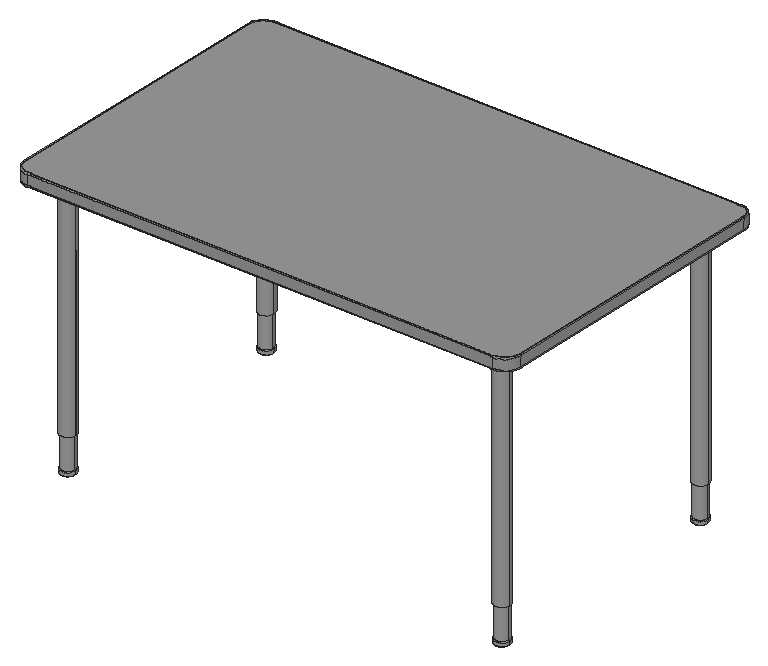
Revit family "Hierarchy Activity 48x30", category Generic Models, Revit 2018
Family settings
  Can host rebar = No
  Round Connector Dimension = Use Diameter
  Part Type = Normal
  Work Plane-Based = No
  Always vertical = Yes
  Cut with Voids When Loaded = No
  Shared = No
  Room Calculation Point = No
Parameters
  Table Height = 2' - 1 1/2"
  Surface = Hierarchy Activity 4830 Surface
  Leg Finish = Shapes Leg Platinum
  Edgeband = Hierarchy Activity 4830 Edgeband
  Caster/Glider = Shapes Leg - Glider : Shapes Leg - Glider
Reference planes (in)
  plane 1 "Center (Front/Back)": y = 0
  plane 2: z = 0
  plane 3 "Center (Left/Right)": x = 0
  plane 4: z = 25.5
Dimensions and locks (in)
  "Table Height": plane 4 to level
  aligned and locked: plane 2 to level
  aligned and locked: nested 1 to plane 4
Nested families (in)
  nested 1: "Activity 48x30 Tabletop" at (0, 0, 1.575), type "Activity 48x30 Tabletop"
  nested 2: "Shapes Leg - Glider" at (-21, 12, 0), Leg Height <- "Table Height", Shapes Leg Finish <- "Leg Finish", type "Shapes Leg - Glider"
    with Shapes Leg Finish Shapes Leg Platinum, Leg Height 2' - 1 1/2"
  nested 3: "Shapes Leg - Glider" at (21, 12, 0), Leg Height <- "Table Height", type <- "Caster/Glider", Shapes Leg Finish <- "Leg Finish", type "Shapes Leg - Glider"
    with Shapes Leg Finish Shapes Leg Platinum, Leg Height 2' - 1 1/2"
  nested 4: "Shapes Leg - Glider" at (21, -12, 0), Leg Height <- "Table Height", type <- "Caster/Glider", Shapes Leg Finish <- "Leg Finish", type "Shapes Leg - Glider"
    with Shapes Leg Finish Shapes Leg Platinum, Leg Height 2' - 1 1/2"
  nested 5: "Shapes Leg - Glider" at (-21, -12, 0), Leg Height <- "Table Height", Shapes Leg Finish <- "Leg Finish", type "Shapes Leg - Glider"
    with Shapes Leg Finish Shapes Leg Platinum, Leg Height 2' - 1 1/2"
Definition of nested family "Activity 48x30 Tabletop"
  Parameters (values of type "Activity 48x30 Tabletop")
    Surface = none
    Edgeband = none
  Reference planes (in)
    plane 1 "Center (Front/Back)": y = 0
    plane 2: z = 0
    plane 3 "Center (Left/Right)": x = 0
  Forms (in)
    Extrusion 1, solid, material <- "Surface"
      sketch origin (0, 3, 0) x (1, 0, 0) y (0, 1, 0)
        loop
          line (22.5, 11.88189) -> (-22.5, 11.88189)
          arc (-22.5, 11.88189) -> (-23.47714, 11.47714) -> (-23.88189, 10.5) r 1.38189
          line (-23.88189, 10.5) -> (-23.88189, -16.5)
          arc (-23.88189, -16.5) -> (-23.47714, -17.47714) -> (-22.5, -17.88189) r 1.38189
          line (-22.5, -17.88189) -> (22.5, -17.88189)
          arc (22.5, -17.88189) -> (23.47714, -17.47714) -> (23.88189, -16.5) r 1.38189
          line (23.88189, -16.5) -> (23.88189, 10.5)
          arc (23.88189, 10.5) -> (23.47714, 11.47714) -> (22.5, 11.88189) r 1.38189
      from 23.925 to 25.125
    Sweep 2, solid, material <- "Edgeband"
      path origin (0, 3, 0) x (1, 0, 0) y (0, 1, 0)
        loop
          line (22.5, 11.88189) -> (-22.5, 11.88189)
          arc (-22.5, 11.88189) -> (-23.47714, 11.47714) -> (-23.88189, 10.5) r 1.38189
          line (-23.88189, 10.5) -> (-23.88189, -16.5)
          arc (-23.88189, -16.5) -> (-23.47714, -17.47714) -> (-22.5, -17.88189) r 1.38189
          line (-22.5, -17.88189) -> (22.5, -17.88189)
          arc (22.5, -17.88189) -> (23.47714, -17.47714) -> (23.88189, -16.5) r 1.38189
          line (23.88189, -16.5) -> (23.88189, 10.5)
          arc (23.88189, 10.5) -> (23.47714, 11.47714) -> (22.5, 11.88189) r 1.38189
      profile origin (0, 14.88189, 0) x (0, -1, 0) y (0, 0, 1)
        loop
          arc (-0.11811, 24.04311) -> (-0.08352, 23.95959) -> (0, 23.925) r 0.11811
          line (0, 23.925) -> (0, 25.125)
          arc (0, 25.125) -> (-0.08352, 25.09041) -> (-0.11811, 25.00689) r 0.11811
          line (-0.11811, 25.00689) -> (-0.11811, 24.04311)
  Dimensions and locks (in)
    aligned and locked: plane 2 to level
Definition of nested family "Shapes Leg - Glider"
  Parameters (values of type "Shapes Leg - Glider")
    Shapes Leg Finish [instance] = none
    Leg Height [instance] = 2' - 4 1/2"
  Reference planes (in)
    plane 1 "Center (Front/Back)": y = 0
    plane 2: z = 0
    plane 3 "Center (Left/Right)": x = 0
  Forms (in)
    Extrusion 1, solid
      sketch origin (-0.01562, 0, 0) x (1, 0, 0) y (0, 1, 0)
        loop
          circle (0.01563, 0) r 0.64906
      from 0.50586 to 20.17439
  Dimensions and locks (in)
    "Leg Height": nested 2 to level
    aligned and locked: plane 2 to level
  Automatic sketch dimensions
    plane 1 "Center (Front/Back)" to Extrusion 1 sketch curve = 0' - 0"
    Extrusion 1 sketch curve to plane 3 "Center (Left/Right)" = 0' - 0"
    radius of Extrusion 1 sketch curve = 0' - 0.64906"
  Nested families (in)
    nested 1: "Glider" at (0, 0, 0), type "Glider"
    nested 2: "Shapes Upper Leg" at (0, 0, 0), Shapes Leg Finish <- "Shapes Leg Finish", type "Shapes Upper Leg"
      with Shapes Leg Finish none
  Definition of nested family "Glider"
    Reference planes (in)
      plane 1 "Center (Front/Back)": y = 0
      plane 2: z = 0
      plane 3 "Center (Left/Right)": x = 0
    Forms (in)
      Revolve 1, solid
        sketch origin (0, 0, 0) x (1, 0, 0) y (0, 0, 1)
          loop
            line (0.26614, 0.50586) -> (0, 0.50586) -> (0, 0.09994) -> (0.71656, 0.09994) -> (0.71656, 0.37634)
            arc (0.71656, 0.37634) -> (0.70181, 0.41548) -> (0.66511, 0.43552) r 0.06011
            arc (0.66511, 0.43552) -> (0.46609, 0.45951) -> (0.26614, 0.47365) r 4.06535
            line (0.26614, 0.47365) -> (0.26614, 0.50586)
          axis (0, 0.50586) -> (0, 0.09994)
        angle from 0 to 360
      Revolve 2, solid
        sketch origin (0, 0, 0) x (1, 0, 0) y (0, 0, 1)
          loop
            line (0.65534, 0.1212) -> (0, 0.1212) -> (0, 0) -> (0.57593, 0)
            arc (0.57593, 0) -> (0.63208, 0.02326) -> (0.65534, 0.07941) r 0.07941
            line (0.65534, 0.07941) -> (0.65534, 0.1212)
          axis (0, 0.1212) -> (0, 0)
        angle from 0 to 360
    Dimensions and locks (in)
      aligned and locked: plane 2 to level
  Definition of nested family "Shapes Upper Leg"
    Parameters (values of type "Shapes Upper Leg")
      Shapes Leg Finish [instance] = none
    Reference planes (in)
      plane 1 "Center (Front/Back)": y = 0
      plane 2: z = 0
      plane 3 "Center (Left/Right)": x = 0
    Forms (in)
      Extrusion 1, solid, material <- "Shapes Leg Finish"
        sketch origin (0, 0, 0) x (1, 0, 0) y (0, 1, 0)
          loop
            circle (0, 0) r 0.75
        from 6.5 to 28.5
    Dimensions and locks (in)
      aligned and locked: plane 2 to level
